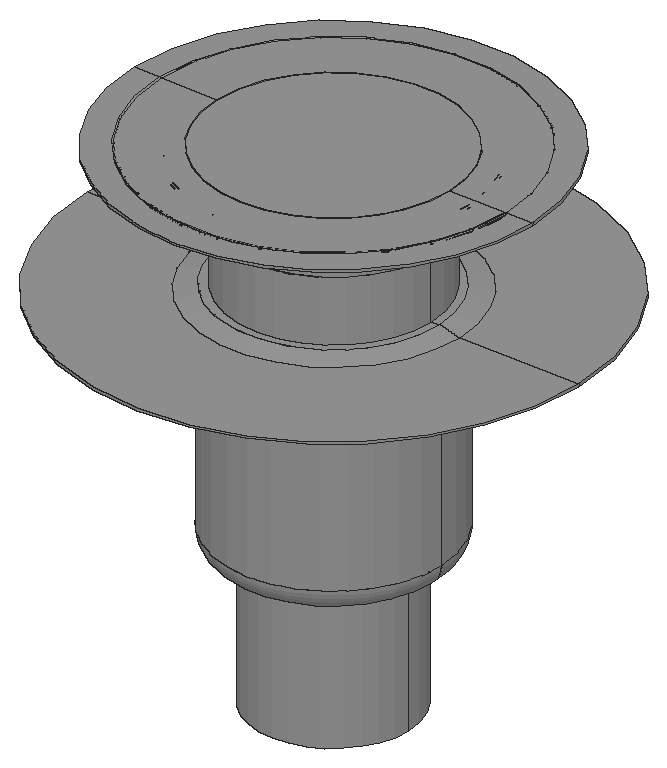
Revit family "ACO AUS Gully 157 Telescopic - Vinyl Top - Vertical Outlet with Adhesive Flange - 170mm dia 2", category Plumbing Fixtures, host Floor, Revit 2014 (continued)
Definition of nested family "Vinyl Gully Top Detail Element"
  Lines and regions (mm)
    model lines, style "Viditelná (ISO)", in view "Ref. Level", detail levels fine
      curve 46: spline (-73.533, -52.482, 0) -> (-73.525, -52.841, 0) -> (-73.503, -53.2, 0) -> (-73.465, -53.555, 0) -> (-73.412, -53.905, 0) -> (-73.345, -54.25, 0) -> (-73.264, -54.586, 0) -> (-73.168, -54.914, 0) -> (-73.059, -55.232, 0) -> (-72.937, -55.537, 0) -> (-72.802, -55.83, 0) -> (-72.656, -56.108, 0) -> (-72.497, -56.371, 0)
      curve 47: spline (-73.533, -130.487, 0) -> (-72.287, -132.237, 0) -> (-70.856, -133.725, 0) -> (-69.27, -134.919, 0) -> (-67.566, -135.791, 0) -> (-65.782, -136.322, 0) -> (-63.957, -136.5, 0) -> (-62.132, -136.322, 0) -> (-60.348, -135.791, 0) -> (-58.645, -134.919, 0) -> (-57.059, -133.725, 0) -> (-55.628, -132.237, 0) -> (-54.382, -130.487, 0)
      curve 48: spline (-63.315, -136.5, 0) -> (-62.4, -136.455, 0) -> (-61.49, -136.322, 0) -> (-60.59, -136.1, 0) -> (-59.705, -135.791, 0) -> (-58.841, -135.396, 0) -> (-58.002, -134.919, 0) -> (-57.192, -134.361, 0) -> (-56.416, -133.725, 0) -> (-55.679, -133.016, 0) -> (-54.985, -132.237, 0) -> (-54.337, -131.393, 0) -> (-53.739, -130.487, 0)
      curve 49: spline (-63.636, -118.015, 0) -> (-64.761, -118.305, 0) -> (-65.796, -118.949, 0) -> (-66.676, -119.908, 0) -> (-67.348, -121.122, 0) -> (-67.768, -122.515, 0) -> (-67.911, -124, 0) -> (-67.768, -125.485, 0) -> (-67.348, -126.878, 0) -> (-66.676, -128.092, 0) -> (-65.796, -129.051, 0) -> (-64.761, -129.695, 0) -> (-63.636, -129.985, 0)
      curve 50: spline (-63.957, -130, 0) -> (-62.768, -129.796, 0) -> (-61.659, -129.196, 0) -> (-60.707, -128.243, 0) -> (-59.977, -127, 0) -> (-59.518, -125.553, 0) -> (-59.361, -124, 0) -> (-59.518, -122.447, 0) -> (-59.977, -121, 0) -> (-60.707, -119.757, 0) -> (-61.659, -118.804, 0) -> (-62.768, -118.204, 0) -> (-63.957, -118, 0) -> (-65.147, -118.204, 0) -> (-66.256, -118.804, 0) -> (-67.207, -119.757, 0) -> (-67.938, -121, 0) -> (-68.397, -122.447, 0) -> (-68.554, -124, 0) -> (-68.397, -125.553, 0) -> (-67.938, -127, 0) -> (-67.207, -128.243, 0) -> (-66.256, -129.196, 0) -> (-65.147, -129.796, 0) -> (-63.957, -130, 0)
      curve 51: spline (100.159, -20.5, 0) -> (99.889, -20.704, 0) -> (99.638, -21.304, 0) -> (99.422, -22.257, 0) -> (99.257, -23.5, 0) -> (99.153, -24.947, 0) -> (99.117, -26.5, 0) -> (99.153, -28.053, 0) -> (99.257, -29.5, 0) -> (99.422, -30.743, 0) -> (99.638, -31.696, 0) -> (99.889, -32.296, 0) -> (100.159, -32.5, 0)
      curve 52: spline (95.818, -32.5, 0) -> (96.087, -32.296, 0) -> (96.339, -31.696, 0) -> (96.554, -30.743, 0) -> (96.72, -29.5, 0) -> (96.824, -28.053, 0) -> (96.86, -26.5, 0) -> (96.824, -24.947, 0) -> (96.72, -23.5, 0) -> (96.554, -22.257, 0) -> (96.339, -21.304, 0) -> (96.087, -20.704, 0) -> (95.818, -20.5, 0)
      curve 53: spline (94.833, -32.5, 0) -> (95.009, -32.414, 0) -> (95.18, -32.157, 0) -> (95.341, -31.737, 0) -> (95.488, -31.167, 0) -> (95.615, -30.462, 0) -> (95.72, -29.643, 0) -> (95.8, -28.734, 0) -> (95.852, -27.76, 0) -> (95.874, -26.75, 0) -> (95.866, -25.733, 0) -> (95.829, -24.738, 0) -> (95.763, -23.794, 0)
      curve 54: spline (98.573, -56.371, 0) -> (98.815, -56.108, 0) -> (99.04, -55.83, 0) -> (99.246, -55.537, 0) -> (99.433, -55.232, 0) -> (99.6, -54.914, 0) -> (99.747, -54.586, 0) -> (99.872, -54.25, 0) -> (99.974, -53.905, 0) -> (100.055, -53.555, 0) -> (100.113, -53.2, 0) -> (100.147, -52.841, 0) -> (100.159, -52.482, 0)
      curve 55: spline (96.135, -58.846, 0) -> (95.668, -59.387, 0) -> (95.274, -59.985, 0) -> (94.961, -60.63, 0) -> (94.733, -61.311, 0) -> (94.595, -62.017, 0) -> (94.549, -62.735, 0) -> (94.595, -63.453, 0) -> (94.733, -64.158, 0) -> (94.961, -64.84, 0) -> (95.274, -65.485, 0) -> (95.668, -66.083, 0) -> (96.135, -66.624, 0)
      curve 56: spline (98.573, -76.877, 0) -> (99.04, -76.336, 0) -> (99.433, -75.738, 0) -> (99.747, -75.093, 0) -> (99.974, -74.411, 0) -> (100.113, -73.706, 0) -> (100.159, -72.988, 0) -> (100.113, -72.27, 0) -> (99.974, -71.564, 0) -> (99.747, -70.883, 0) -> (99.433, -70.238, 0) -> (99.04, -69.64, 0) -> (98.573, -69.099, 0)
      curve 57: spline (96.135, -79.352, 0) -> (95.668, -79.893, 0) -> (95.274, -80.491, 0) -> (94.961, -81.136, 0) -> (94.733, -81.817, 0) -> (94.595, -82.523, 0) -> (94.549, -83.241, 0) -> (94.595, -83.959, 0) -> (94.733, -84.664, 0) -> (94.961, -85.346, 0) -> (95.274, -85.991, 0) -> (95.668, -86.589, 0) -> (96.135, -87.13, 0)
      curve 58: spline (98.573, -97.383, 0) -> (99.04, -96.842, 0) -> (99.433, -96.244, 0) -> (99.747, -95.599, 0) -> (99.974, -94.917, 0) -> (100.113, -94.212, 0) -> (100.159, -93.494, 0) -> (100.113, -92.776, 0) -> (99.974, -92.07, 0) -> (99.747, -91.389, 0) -> (99.433, -90.744, 0) -> (99.04, -90.146, 0) -> (98.573, -89.605, 0)
      curve 59: spline (96.135, -99.858, 0) -> (95.668, -100.399, 0) -> (95.274, -100.997, 0) -> (94.961, -101.642, 0) -> (94.733, -102.323, 0) -> (94.595, -103.029, 0) -> (94.549, -103.747, 0) -> (94.595, -104.465, 0) -> (94.733, -105.17, 0) -> (94.961, -105.852, 0) -> (95.274, -106.497, 0) -> (95.668, -107.095, 0) -> (96.135, -107.636, 0)
      curve 60: spline (100.159, -114, 0) -> (100.147, -113.64, 0) -> (100.113, -113.282, 0) -> (100.055, -112.927, 0) -> (99.974, -112.576, 0) -> (99.872, -112.232, 0) -> (99.747, -111.895, 0) -> (99.6, -111.567, 0) -> (99.433, -111.25, 0) -> (99.246, -110.944, 0) -> (99.04, -110.652, 0) -> (98.815, -110.374, 0) -> (98.573, -110.111, 0)
      curve 61: spline (93.535, -55.664, 0) -> (93.733, -55.449, 0) -> (93.917, -55.221, 0) -> (94.086, -54.982, 0) -> (94.239, -54.732, 0) -> (94.376, -54.472, 0) -> (94.496, -54.204, 0) -> (94.598, -53.928, 0) -> (94.682, -53.646, 0) -> (94.748, -53.36, 0) -> (94.795, -53.069, 0) -> (94.823, -52.776, 0) -> (94.833, -52.482, 0)
      curve 62: spline (91.098, -58.139, 0) -> (90.546, -58.778, 0) -> (90.08, -59.485, 0) -> (89.71, -60.247, 0) -> (89.441, -61.052, 0) -> (89.278, -61.886, 0) -> (89.223, -62.735, 0) -> (89.278, -63.583, 0) -> (89.441, -64.417, 0) -> (89.71, -65.222, 0) -> (90.08, -65.985, 0) -> (90.546, -66.692, 0) -> (91.098, -67.331, 0)
      curve 63: spline (93.535, -76.17, 0) -> (93.917, -75.727, 0) -> (94.239, -75.238, 0) -> (94.496, -74.71, 0) -> (94.682, -74.152, 0) -> (94.795, -73.575, 0) -> (94.833, -72.988, 0) -> (94.795, -72.4, 0) -> (94.682, -71.823, 0) -> (94.496, -71.266, 0) -> (94.239, -70.738, 0) -> (93.917, -70.248, 0) -> (93.535, -69.806, 0)
      curve 64: spline (91.098, -78.645, 0) -> (90.546, -79.284, 0) -> (90.08, -79.991, 0) -> (89.71, -80.753, 0) -> (89.441, -81.559, 0) -> (89.278, -82.392, 0) -> (89.223, -83.241, 0) -> (89.278, -84.089, 0) -> (89.441, -84.923, 0) -> (89.71, -85.728, 0) -> (90.08, -86.491, 0) -> (90.546, -87.198, 0) -> (91.098, -87.837, 0)
      curve 65: spline (93.535, -96.676, 0) -> (93.917, -96.233, 0) -> (94.239, -95.744, 0) -> (94.496, -95.216, 0) -> (94.682, -94.659, 0) -> (94.795, -94.081, 0) -> (94.833, -93.494, 0) -> (94.795, -92.907, 0) -> (94.682, -92.329, 0) -> (94.496, -91.772, 0) -> (94.239, -91.244, 0) -> (93.917, -90.754, 0) -> (93.535, -90.312, 0)
      curve 66: spline (91.098, -99.151, 0) -> (90.546, -99.79, 0) -> (90.08, -100.497, 0) -> (89.71, -101.26, 0) -> (89.441, -102.065, 0) -> (89.278, -102.899, 0) -> (89.223, -103.747, 0) -> (89.278, -104.595, 0) -> (89.441, -105.429, 0) -> (89.71, -106.234, 0) -> (90.08, -106.997, 0) -> (90.546, -107.704, 0) -> (91.098, -108.343, 0)
      curve 67: spline (94.833, -114, 0) -> (94.823, -113.706, 0) -> (94.795, -113.413, 0) -> (94.748, -113.122, 0) -> (94.682, -112.835, 0) -> (94.598, -112.554, 0) -> (94.496, -112.278, 0) -> (94.376, -112.01, 0) -> (94.239, -111.75, 0) -> (94.086, -111.5, 0) -> (93.917, -111.261, 0) -> (93.733, -111.033, 0) -> (93.535, -110.818, 0)
      curve 68: spline (95.818, -114, 0) -> (95.806, -113.64, 0) -> (95.771, -113.282, 0) -> (95.714, -112.927, 0) -> (95.633, -112.576, 0) -> (95.53, -112.232, 0) -> (95.405, -111.895, 0) -> (95.259, -111.567, 0) -> (95.092, -111.25, 0) -> (94.905, -110.944, 0) -> (94.698, -110.652, 0) -> (94.474, -110.374, 0) -> (94.231, -110.111, 0)
      curve 69: spline (91.794, -99.858, 0) -> (91.327, -100.399, 0) -> (90.933, -100.997, 0) -> (90.62, -101.642, 0) -> (90.392, -102.323, 0) -> (90.254, -103.029, 0) -> (90.208, -103.747, 0) -> (90.254, -104.465, 0) -> (90.392, -105.17, 0) -> (90.62, -105.852, 0) -> (90.933, -106.497, 0) -> (91.327, -107.095, 0) -> (91.794, -107.636, 0)
      curve 70: spline (94.231, -97.383, 0) -> (94.698, -96.842, 0) -> (95.092, -96.244, 0) -> (95.405, -95.599, 0) -> (95.633, -94.917, 0) -> (95.771, -94.212, 0) -> (95.818, -93.494, 0) -> (95.771, -92.776, 0) -> (95.633, -92.07, 0) -> (95.405, -91.389, 0) -> (95.092, -90.744, 0) -> (94.698, -90.146, 0) -> (94.231, -89.605, 0)
      curve 71: spline (91.794, -79.352, 0) -> (91.327, -79.893, 0) -> (90.933, -80.491, 0) -> (90.62, -81.136, 0) -> (90.392, -81.817, 0) -> (90.254, -82.523, 0) -> (90.208, -83.241, 0) -> (90.254, -83.959, 0) -> (90.392, -84.664, 0) -> (90.62, -85.346, 0) -> (90.933, -85.991, 0) -> (91.327, -86.589, 0) -> (91.794, -87.13, 0)
      curve 72: spline (94.231, -76.877, 0) -> (94.698, -76.336, 0) -> (95.092, -75.738, 0) -> (95.405, -75.093, 0) -> (95.633, -74.411, 0) -> (95.771, -73.706, 0) -> (95.818, -72.988, 0) -> (95.771, -72.27, 0) -> (95.633, -71.564, 0) -> (95.405, -70.883, 0) -> (95.092, -70.238, 0) -> (94.698, -69.64, 0) -> (94.231, -69.099, 0)
      curve 73: spline (91.794, -58.846, 0) -> (91.327, -59.387, 0) -> (90.933, -59.985, 0) -> (90.62, -60.63, 0) -> (90.392, -61.311, 0) -> (90.254, -62.017, 0) -> (90.208, -62.735, 0) -> (90.254, -63.453, 0) -> (90.392, -64.158, 0) -> (90.62, -64.84, 0) -> (90.933, -65.485, 0) -> (91.327, -66.083, 0) -> (91.794, -66.624, 0)
      curve 74: spline (94.231, -56.371, 0) -> (94.474, -56.108, 0) -> (94.698, -55.83, 0) -> (94.905, -55.537, 0) -> (95.092, -55.232, 0) -> (95.259, -54.914, 0) -> (95.405, -54.586, 0) -> (95.53, -54.25, 0) -> (95.633, -53.905, 0) -> (95.714, -53.555, 0) -> (95.771, -53.2, 0) -> (95.806, -52.841, 0) -> (95.818, -52.482, 0)
      curve 75: spline (95.818, -130.487, 0) -> (96.1, -132.237, 0) -> (96.425, -133.725, 0) -> (96.784, -134.919, 0) -> (97.17, -135.791, 0) -> (97.575, -136.322, 0) -> (97.988, -136.5, 0) -> (98.402, -136.322, 0) -> (98.806, -135.791, 0) -> (99.193, -134.919, 0) -> (99.552, -133.725, 0) -> (99.877, -132.237, 0) -> (100.159, -130.487, 0)
      curve 76: spline (94.833, -130.487, 0) -> (94.968, -131.393, 0) -> (95.115, -132.237, 0) -> (95.273, -133.016, 0) -> (95.44, -133.725, 0) -> (95.616, -134.361, 0) -> (95.799, -134.919, 0) -> (95.99, -135.396, 0) -> (96.185, -135.791, 0) -> (96.386, -136.1, 0) -> (96.59, -136.322, 0) -> (96.796, -136.455, 0) -> (97.004, -136.5, 0)
      curve 77: spline (97.496, -129.288, 0) -> (97.652, -128.695, 0) -> (97.788, -127.952, 0) -> (97.898, -127.081, 0) -> (97.979, -126.111, 0) -> (98.029, -125.073, 0) -> (98.045, -124, 0) -> (98.029, -122.927, 0) -> (97.979, -121.889, 0) -> (97.898, -120.919, 0) -> (97.788, -120.048, 0) -> (97.652, -119.305, 0) -> (97.496, -118.712, 0)
      curve 78: spline (97.988, -130, 0) -> (98.258, -129.796, 0) -> (98.509, -129.196, 0) -> (98.725, -128.243, 0) -> (98.891, -127, 0) -> (98.995, -125.553, 0) -> (99.03, -124, 0) -> (98.995, -122.447, 0) -> (98.891, -121, 0) -> (98.725, -119.757, 0) -> (98.509, -118.804, 0) -> (98.258, -118.204, 0) -> (97.988, -118, 0) -> (97.719, -118.204, 0) -> (97.467, -118.804, 0) -> (97.252, -119.757, 0) -> (97.086, -121, 0) -> (96.982, -122.447, 0) -> (96.946, -124, 0) -> (96.982, -125.553, 0) -> (97.086, -127, 0) -> (97.252, -128.243, 0) -> (97.467, -129.196, 0) -> (97.719, -129.796, 0) -> (97.988, -130, 0)
      curve 126: line (-44.38, -107.636, 0) -> (-45.226, -110.111, 0)
      curve 127: line (-45.777, -114, 0) -> (-45.777, -130.487, 0)
      curve 128: line (-45.777, -130.487, 0) -> (-45.435, -130.487, 0)
      curve 129: line (-45.435, -130.487, 0) -> (-45.435, -114, 0)
      curve 130: line (-44.984, -110.818, 0) -> (-44.138, -108.343, 0)
      curve 131: line (-21.492, -110.818, 0) -> (-20.646, -108.343, 0)
      curve 132: line (-21.943, -130.487, 0) -> (-21.943, -114, 0)
      curve 133: line (-34.031, -136.5, 0) -> (-33.689, -136.5, 0)
      curve 134: line (-53.739, -52.482, 0) -> (-53.739, -32.5, 0)
      curve 135: line (-53.739, -32.5, 0) -> (-54.382, -32.5, 0)
      curve 136: line (-54.382, -32.5, 0) -> (-54.382, -52.482, 0)
      curve 137: line (-53.346, -56.371, 0) -> (-51.756, -58.846, 0)
      curve 138: line (-51.756, -66.624, 0) -> (-53.346, -69.099, 0)
      curve 139: line (-53.346, -76.877, 0) -> (-51.756, -79.352, 0)
      curve 140: line (-51.756, -87.13, 0) -> (-53.346, -89.605, 0)
      curve 141: line (-53.346, -97.383, 0) -> (-51.756, -99.858, 0)
      curve 142: line (-51.756, -107.636, 0) -> (-53.346, -110.111, 0)
      curve 143: line (-54.382, -114, 0) -> (-54.382, -130.487, 0)
      curve 144: line (-54.382, -130.487, 0) -> (-53.739, -130.487, 0)
      curve 145: line (-53.739, -130.487, 0) -> (-53.739, -114, 0)
      curve 146: line (-52.892, -110.818, 0) -> (-51.301, -108.343, 0)
      curve 147: line (-51.301, -99.151, 0) -> (-52.892, -96.676, 0)
      curve 148: line (-52.892, -90.312, 0) -> (-51.301, -87.837, 0)
      curve 149: line (-51.301, -78.645, 0) -> (-52.892, -76.17, 0)
      curve 150: line (-52.892, -69.806, 0) -> (-51.301, -67.331, 0)
      curve 151: line (-51.301, -58.139, 0) -> (-52.892, -55.664, 0)
      curve 152: line (-53.739, -18, 0) -> (-53.739, -10.5, 0)
      curve 153: line (-53.739, -10.5, 0) -> (-54.382, -10.5, 0)
      curve 154: line (-54.382, -10.5, 0) -> (-54.382, -20.5, 0)
      curve 155: line (-54.382, -20.5, 0) -> (-54.19, -20.5, 0)
      curve 156: line (-54.382, -10.5, 0) -> (-73.533, -10.5, 0)
      curve 157: line (-73.533, -10.5, 0) -> (-73.533, -20.5, 0)
      curve 158: line (-73.533, -114, 0) -> (-73.533, -130.487, 0)
      curve 159: line (-70.907, -107.636, 0) -> (-72.497, -110.111, 0)
      curve 160: line (-72.497, -97.383, 0) -> (-70.907, -99.858, 0)
      curve 161: line (-72.497, -76.877, 0) -> (-70.907, -79.352, 0)
      curve 162: line (-70.907, -87.13, 0) -> (-72.497, -89.605, 0)
      curve 163: line (-72.497, -56.371, 0) -> (-70.907, -58.846, 0)
      curve 164: line (-70.907, -66.624, 0) -> (-72.497, -69.099, 0)
      curve 165: line (-73.533, -32.5, 0) -> (-73.533, -52.482, 0)
      curve 166: line (-63.957, -136.5, 0) -> (-63.315, -136.5, 0)
      curve 167: line (95.818, -52.482, 0) -> (95.818, -32.5, 0)
      curve 168: line (95.818, -32.5, 0) -> (94.833, -32.5, 0)
      curve 169: line (94.833, -32.5, 0) -> (94.833, -52.482, 0)
      curve 170: line (95.525, -20.5, 0) -> (95.818, -20.5, 0)
      curve 171: line (95.818, -20.5, 0) -> (95.818, -10.5, 0)
      curve 172: line (100.159, -32.5, 0) -> (100.159, -52.482, 0)
      curve 173: line (98.573, -56.371, 0) -> (96.135, -58.846, 0)
      curve 174: line (96.135, -66.624, 0) -> (98.573, -69.099, 0)
      curve 175: line (98.573, -76.877, 0) -> (96.135, -79.352, 0)
      curve 176: line (96.135, -87.13, 0) -> (98.573, -89.605, 0)
      curve 177: line (98.573, -97.383, 0) -> (96.135, -99.858, 0)
      curve 178: line (96.135, -107.636, 0) -> (98.573, -110.111, 0)
      curve 179: line (100.159, -114, 0) -> (100.159, -130.487, 0)
      curve 180: line (94.833, -18, 0) -> (94.833, -10.5, 0)
      curve 181: line (94.833, -10.5, 0) -> (95.818, -10.5, 0)
      curve 182: line (95.818, -10.5, 0) -> (100.159, -10.5, 0)
      curve 183: line (100.159, -10.5, 0) -> (100.159, -20.5, 0)
      curve 184: line (91.098, -58.139, 0) -> (93.535, -55.664, 0)
      curve 185: line (93.535, -69.806, 0) -> (91.098, -67.331, 0)
      curve 186: line (91.098, -78.645, 0) -> (93.535, -76.17, 0)
      curve 187: line (93.535, -90.312, 0) -> (91.098, -87.837, 0)
      curve 188: line (91.098, -99.151, 0) -> (93.535, -96.676, 0)
      curve 189: line (93.535, -110.818, 0) -> (91.098, -108.343, 0)
      curve 190: line (95.818, -114, 0) -> (95.818, -130.487, 0)
      curve 191: line (95.818, -130.487, 0) -> (94.833, -130.487, 0)
      curve 192: line (94.833, -130.487, 0) -> (94.833, -114, 0)
      curve 193: line (91.794, -107.636, 0) -> (94.231, -110.111, 0)
      curve 194: line (94.231, -97.383, 0) -> (91.794, -99.858, 0)
      curve 195: line (91.794, -87.13, 0) -> (94.231, -89.605, 0)
      curve 196: line (94.231, -76.877, 0) -> (91.794, -79.352, 0)
      curve 197: line (91.794, -66.624, 0) -> (94.231, -69.099, 0)
      curve 198: line (94.231, -56.371, 0) -> (91.794, -58.846, 0)
      curve 199: line (97.988, -136.5, 0) -> (97.004, -136.5, 0)
    model lines, style "Viditelná (ISO)", in view "Ref. Level", visible <- "Front & Rare"
      curve 79: spline (0.117, -26.5, 0) -> (2.313, -26.21, 0) -> (4.359, -25.361, 0) -> (6.117, -24.01, 0) -> (7.465, -22.25, 0) -> (8.313, -20.2, 0) -> (8.602, -18, 0) -> (8.313, -15.8, 0) -> (7.465, -13.75, 0) -> (6.117, -11.99, 0) -> (4.359, -10.639, 0) -> (2.313, -9.79, 0) -> (0.117, -9.5, 0) -> (-2.08, -9.79, 0) -> (-4.126, -10.639, 0) -> (-5.884, -11.99, 0) -> (-7.232, -13.75, 0) -> (-8.08, -15.8, 0) -> (-8.369, -18, 0) -> (-8.08, -20.2, 0) -> (-7.232, -22.25, 0) -> (-5.884, -24.01, 0) -> (-4.126, -25.361, 0) -> (-2.08, -26.21, 0) -> (0.117, -26.5, 0)
    model lines, style "Viditelná (ISO)", in view "Ref. Level", visible <- "Front & Rare", detail levels medium+fine
      curve 80: spline (0, -25.5, 0) -> (1.938, -25.244, 0) -> (3.744, -24.495, 0) -> (5.294, -23.303, 0) -> (6.484, -21.75, 0) -> (7.232, -19.941, 0) -> (7.487, -18, 0) -> (7.232, -16.059, 0) -> (6.484, -14.25, 0) -> (5.294, -12.697, 0) -> (3.744, -11.505, 0) -> (1.938, -10.756, 0) -> (0, -10.5, 0) -> (-1.938, -10.756, 0) -> (-3.744, -11.505, 0) -> (-5.294, -12.697, 0) -> (-6.484, -14.25, 0) -> (-7.232, -16.059, 0) -> (-7.487, -18, 0) -> (-7.232, -19.941, 0) -> (-6.484, -21.75, 0) -> (-5.294, -23.303, 0) -> (-3.744, -24.495, 0) -> (-1.938, -25.244, 0) -> (0, -25.5, 0)
    model lines, style "Viditelná (ISO)", in view "Ref. Level"
      curve 81: arc (82.5, -30, 0) -> (79.672, -31.172, 0) -> (78.5, -34, 0) r 4
      curve 82: arc (-78.5, -34, 0) -> (-79.672, -31.172, 0) -> (-82.5, -30, 0) r 4
      curve 83: arc (99.388, -22.467, 0) -> (99.713, -21.549, 0) -> (99.963, -20.607, 0) r 12
      curve 84: arc (88.25, -30, 0) -> (92.295, -29.298, 0) -> (95.866, -27.273, 0) r 12
      curve 85: arc (-100.25, -18, 0) -> (-96.735, -26.485, 0) -> (-88.25, -30, 0) r 12
      curve 86: arc (100, -5.5, 0) -> (98.939, -5.939, 0) -> (98.5, -7, 0) r 1.5
      curve 87: arc (-98.5, -7, 0) -> (-98.939, -5.939, 0) -> (-100, -5.5, 0) r 1.5
      curve 88: arc (120.057, -5.5, 0) -> (121.205, -5.272, 0) -> (122.179, -4.621, 0) r 3
      curve 89: arc (-122.179, -4.621, 0) -> (-121.205, -5.272, 0) -> (-120.057, -5.5, 0) r 3
      curve 90: arc (125.921, -1.5, 0) -> (125.347, -1.614, 0) -> (124.861, -1.939, 0) r 1.5
      curve 91: arc (-124.861, -1.939, 0) -> (-125.347, -1.614, 0) -> (-125.921, -1.5, 0) r 1.5
      curve 92: arc (75.108, -41.7, 0) -> (72.182, -43.143, 0) -> (71, -46.183, 0) r 4.5
      curve 93: arc (-73.533, -42.136, 0) -> (-74.3, -41.846, 0) -> (-75.108, -41.7, 0) r 4.5
      curve 200: line (-69.8, -30, 0) -> (-88.25, -30, 0)
      curve 201: line (88.25, -30, 0) -> (-57.472, -30, 0)
      curve 202: line (100.25, -18, 0) -> (95.786, -18, 0)
      curve 203: line (95.786, -18, 0) -> (83.696, -18, 0)
      curve 204: line (-83.696, -18, 0) -> (-100.25, -18, 0)
      curve 205: line (-54.581, -18, 0) -> (-74.696, -18, 0)
      curve 206: line (-8.369, -18, 0) -> (-54.382, -18, 0)
      curve 207: line (74.696, -18, 0) -> (8.602, -18, 0)
      curve 208: line (-144.7, 0, 0) -> (144.7, 0, 0)
      curve 209: line (144.7, 0, 0) -> (144.7, -1.5, 0)
      curve 210: line (144.7, -1.5, 0) -> (-144.7, -1.5, 0)
      curve 211: line (-144.7, -1.5, 0) -> (-144.7, 0, 0)
      curve 212: line (-98.5, -18, 0) -> (-98.5, -7, 0)
      curve 213: line (98.5, -10.5, 0) -> (98.5, -7, 0)
      curve 214: line (-122.179, -4.621, 0) -> (-124.861, -1.939, 0)
      curve 215: line (122.179, -4.621, 0) -> (124.861, -1.939, 0)
      curve 216: line (120.057, -5.5, 0) -> (-120.057, -5.5, 0)
      curve 217: line (-73.533, -41.5, 0) -> (-78.5, -41.5, 0)
      curve 218: line (-78.5, -41.5, 0) -> (-78.5, -40, 0)
      curve 219: line (-78.5, -40, 0) -> (-73.533, -40, 0)
      curve 221: line (-78.5, -40, 0) -> (-78.5, -34, 0)
      curve 222: line (78.5, -34, 0) -> (78.5, -40, 0)
      curve 223: line (78.5, -40, 0) -> (-53.739, -40, 0)
      curve 225: line (78.5, -40, 0) -> (78.5, -41.5, 0)
      curve 226: line (78.5, -41.5, 0) -> (-53.739, -41.5, 0)
      curve 227: line (71, -46.183, 0) -> (71, -100, 0)
      curve 228: line (71, -100, 0) -> (-50.841, -100, 0)
      curve 229: line (-75.108, -41.7, 0) -> (-77.394, -41.5, 0)
      curve 230: line (75.108, -41.7, 0) -> (77.394, -41.5, 0)
    detail lines, style "Viditelná (ISO)", in view "Ref. Level", detail levels medium+fine
      curve 231: line (-5.5, -25.7, 0) -> (-5.5, -24.7, 0)
    detail lines, style "Viditelná (ISO)", in view "Ref. Level", detail levels coarse+medium
      curve 236: line (-71, -46.183, 0) -> (-71, -58.7, 0)
      curve 237: arc (-75.108, -41.7, 0) -> (-72.182, -43.143, 0) -> (-71, -46.183, 0) r 4.5
      curve 238: line (-71, -66.769, 0) -> (-71, -79.207, 0)
      curve 240: line (-71, -87.275, 0) -> (-71, -99.713, 0)
      curve 245: arc (100.25, -18, 0) -> (96.735, -26.485, 0) -> (88.25, -30, 0) r 12
    detail lines, style "Viditelná (ISO)", in view "Ref. Level"
      curve 239: line (-71, -79.207, 0) -> (-71, -87.275, 0)
      curve 241: line (-71, -99.713, 0) -> (-71, -100, 0)
      curve 242: line (-71, -58.7, 0) -> (-71, -66.769, 0)
    detail lines, in view "Ref. Level"
      curve 243: line (-71, -100, 0) -> (-70.815, -100, 0)
    detail lines, in view "Ref. Level", detail levels coarse+medium
      curve 244: line (-70.815, -100, 0) -> (-50.841, -100, 0)
      curve 246: line (-73.533, -40, 0) -> (-53.739, -40, 0)
      curve 247: line (-73.533, -41.5, 0) -> (-53.739, -41.5, 0)
      curve 248: line (-83.696, -18, 0) -> (-74.696, -18, 0)
      curve 249: line (74.696, -18, 0) -> (83.696, -18, 0)
      curve 250: line (-69.8, -30, 0) -> (-57.472, -30, 0)
      curve 251: line (98.5, -10.5, 0) -> (98.5, -18, 0)
    detail lines, in view "Ref. Level", visible <- "Left & Right", detail levels medium+fine
      curve 252: line (-4.5, -10.868, 0) -> (-4.5, -24.7, 0)
      curve 253: line (4.5, -10.868, 0) -> (4.5, -24.7, 0)
      curve 254: line (-3.477, -25.7, 0) -> (3.919, -25.7, 0)
      curve 255: line (-5.103, -24.7, 0) -> (5.338, -24.7, 0)
    detail lines, in view "Ref. Level", visible <- "Left & Right"
      curve 256: line (-8.369, -18, 0) -> (8.602, -18, 0)
      curve 257: line (-98.5, -9.5, 0) -> (-104.5, -9.5, 0)
      curve 258: line (-96.721, -26.5, 0) -> (-104.5, -26.5, 0)
    detail lines, style "Viditelná (ISO)", in view "Ref. Level", visible <- "Left & Right"
      curve 259: line (-104.5, -26.5, 0) -> (-104.5, -9.5, 0)
Types (4, lengths in mm): name | Product Code 413027 | Product Code 413026 | Product Code 408216 | Product Code 408213 | Product Code 408206 | Product Code 408203 | Product Code 142006 | Product Code 142005 | Product Code 142004 | Product Code 142003 | Product Code 142002 | Product Code 142001 | Material | Gully Weight (Kg) | Gully Product Description | Gully Product Code | Gully Material | Grating Product Code 97367 | Grating Product Code 97146 | Foul Air Trap Seal Recycled Material Content | Foul Air Trap Seal Recyclable | Foul Air Trap Seal Material | Foul Air Trap Seal Colour | Flow Rate (l/s) | 97367 - 170 mm dia - Ladder Grating - Plain  - Stainless Steel 316 | 97146 - 170 mm dia - Ladder Grating - Plain  - Stainless Steel 304 | Foul Air Trap &  Foul Air Trap Support Ring
  142184 - Adjustable Height without FAT SS 304 | "N/A" | "1.0 litre removable strainer -Stainless steel grade 304 -  0.6kg" | "N/A" | "N/A" | "Waterproof bonding flange - Stainless steel grade 304 - 1.9kg" | "0.3 litre removable strainer - Stainless steel grade 304 - 0.3kg" | "N/A" | "N/A" | "N/A" | "N/A" | "N/A" | "N/A" | Stainless Steel AISI 304 | "4" | "ACO Gully 157 adjustable height gully with integrated bonding flange - DN100 vertical outlet with round vinyl clamp top section without FAT - grade 304" | "142184" | "Stainless steel grade 304" | "N/A" | "Load Class M125 (EN 1253) - Ladder Grating - Plain  - Stainless steel grade 304 - 170mm dia x 25mm - 1.6kg" | "N/A" | "N/A" | "N/A" | "N/A" | "12.6" | no | yes | no
  142185 - Adjustable Height without FAT SS 316 | "1.0 litre removable strainer - Stainless steel grade 316 - 0.6kg" | "N/A" | "Waterproof bonding flange - Stainless steel grade 316 - 1.9kg" | "0.3 litre removable strainer - Stainless steel grade 316 - 0.3kg" | "N/A" | "N/A" | "N/A" | "Retention chain connecting removable (primary) strainer to grate - Stainless steel grade 316 - 0.1kg" | "N/A" | "Retention chain connecting fixed (secondary) strainer to removable (primary) strainer -Stainless steel grade 316 - 0.1kg" | "N/A" | "Fixed  strainer to suit a 110mm outlet -  Stainless steel grade 316 - 0.1kg" | Stainless Steel AISI 316 | "4" | "ACO Gully 157 adjustable height gully with integrated bonding flange - DN100 vertical outlet with round vinyl clamp top section without FAT - grade 316" | "142185" | "Stainless steel grade 316" | "Load Class M125 (EN 1253) - Ladder Grating - Plain - Stainless steel grade 316 - 170mm dia x 25mm - 1.6kg" | "N/A" | "N/A" | "N/A" | "N/A" | "N/A" | "12.6" | yes | no | no
  142186 - Adjustable Height with FAT SS 304 | "N/A" | "1.0 litre removable strainer -Stainless steel grade 304 -  0.6kg" | "N/A" | "N/A" | "Waterproof bonding flange - Stainless steel grade 304 - 1.9kg" | "0.3 litre removable strainer - Stainless steel grade 304 - 0.3kg" | "N/A" | "N/A" | "N/A" | "N/A" | "N/A" | "N/A" | Stainless Steel AISI 304 | "4.7" | "ACO Gully 157 adjustable height gully with integrated bonding flange - DN100 vertical outlet with round vinyl clamp top section and FAT - grade 304" | "142186" | "Stainless steel grade 304" | "N/A" | "Load Class M125 (EN 1253) - Ladder Grating - Plain  - Stainless steel grade 304 - 170mm dia x 25mm - 1.6kg" | "0%" | "Fully Recyclable" | "NBR" | "Black" | "3.5-4" | no | yes | yes
  142187 - Adjustable Height with FAT SS 316 | "1.0 litre removable strainer - Stainless steel grade 316 - 0.6kg" | "N/A" | "Waterproof bonding flange - Stainless steel grade 316 - 1.9kg" | "0.3 litre removable strainer - Stainless steel grade 316 - 0.3kg" | "N/A" | "N/A" | "Retention chain connecting removable FAT to grate - Stainless steel grade 316 - 0.1kg" | "Retention chain connecting removable (primary) strainer to grate - Stainless steel grade 316 - 0.1kg" | "Retention chain connecting to FAT to removable (primary) strainer - Stainless steel grade 316 - 0.1kg" | "Retention chain connecting fixed (secondary) strainer to removable (primary) strainer -Stainless steel grade 316 - 0.1kg" | "Retention chain connecting fixed (secondary) strainer to FAT - Stainless steel grade 316 - 0.1kg" | "Fixed  strainer to suit a 110mm outlet -  Stainless steel grade 316 - 0.1kg" | Stainless Steel AISI 316 | "4.7" | "ACO Gully 157 adjustable height gully with integrated bonding flange - DN100 vertical outlet with round vinyl clamp top section and FAT - grade 316" | "142187" | "Stainless steel grade 316" | "Load Class M125 (EN 1253) - Ladder Grating - Plain - Stainless steel grade 316 - 170mm dia x 25mm - 1.6kg" | "N/A" | "0%" | "Fully Recyclable" | "NBR" | "Black" | "3.5-4" | yes | no | yes
